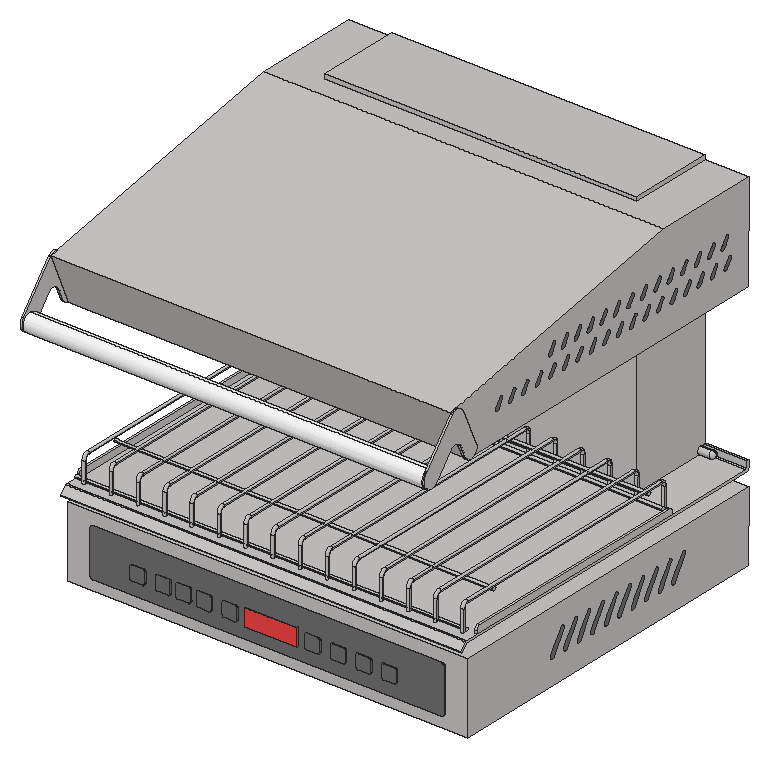
Revit family "QF_GIORIK_ST30", category Specialty Equipment, Revit 2014
Parameters (values of type "ST30")
  Weight in Pounds = 152.1188
  Watts = 4500 W
  Volts = 400 V
  URL Cutsheet = "www.giorik.com"
  URL = "www.giorik.com"
  Status [instance] = ""
  Specification by User [instance] = ""
  Specification by Manufacturer = ""
  Show Logo [instance] = yes
  Show Clearance [instance] = yes
  Serial Number = ""
  Seismic Rating = ""
  SMACNA No = ""
  Revision Code [instance] = ""
  Phase = 3
  Number of Poles [instance] = 3
  NAFEM Spec ID Number = ""
  Model = "ST30"
  Min Ckt Ampacity = 0 A
  Max Overcurrent Protection = 0 A
  Masterspec = ""
  Manufacturer = "GIORIK"
  Item Number [instance] = ""
  Installed By [instance] = ""
  Identify Quantity as Lot [instance] = no
  HP = "6.034590000000"
  Furnished By [instance] = ""
  Foodservice Equipment Identifier [instance] = yes
  FL Amps = 0 A
  Electrical Remarks [instance] = ""
  Electric Connection Type [instance] = ""
  Elec Conn RI Height [instance] = 0 mm
  Elec Conn Connection Height [instance] = 39 mm
  Description = "FAST SALAMANDERS HI-TOUCH"
  Cycle = 50 Hz
  Conn Plug = ""
  CSI MasterFormat = ""
  Assembly Code = "E1090320"
  Apparent Power = 4500 VA
Reference planes
  plane 1 "Back": y = 0
  plane 2: z = 0
  plane 3 "Left": x = 0
  plane 4 "Right": x = 570
  plane 5 "Front": y = -581
  plane 6 "Top": z = 518
Forms (mm)
  Extrusion 1, solid
    sketch origin (0, 0, 0) x (0, 1, 0) y (0, 0, 1)
      loop
        line (0, 116) -> (-500, 116) -> (-500, 16) -> (0, 16) -> (0, 116)
    from 0 to 570
  Extrusion 2, solid
    sketch origin (0, 0, 0) x (0, 1, 0) y (0, 0, 1)
      loop
        line (-510.879, 128.424) -> (-501.718, 137.409) -> (-3, 137.409)
        arc (-3, 137.409) -> (-0.879, 138.288) -> (0, 140.409) r 3
        line (0, 140.409) -> (0, 150.409) -> (-3, 150.409) -> (-3, 141.409)
        arc (-3, 141.409) -> (-3.293, 140.702) -> (-4, 140.409) r 1
        line (-4, 140.409) -> (-501.718, 140.409)
        arc (-501.718, 140.409) -> (-502.852, 140.186) -> (-503.818, 139.551) r 3
        line (-503.818, 139.551) -> (-513, 130.545) -> (-510.879, 128.424)
    from 0 to 570
  Extrusion 3, solid
    sketch origin (0, 0, 0) x (0, 1, 0) y (0, 0, 1)
      loop
        line (-150, 512.02) -> (-531, 444.528) -> (-500, 372.02) -> (0, 372.02) -> (0, 512.02) -> (-150, 512.02)
    from 0 to 570
  Extrusion 4, solid
    sketch origin (0, 0, 0) x (0, 1, 0) y (0, 0, 1)
      loop
        line (-120, 116) -> (0, 116) -> (0, 372.02) -> (-120, 372.02) -> (-120, 116)
    from 62.5 to 507.5
  Extrusion 5, solid
    sketch origin (0, -38.013, -1.322) x (0, 1, 0) y (0, 0, 1)
      loop
        line (-491.588, 443.653) -> (-540.006, 386.512)
        arc (-540.006, 386.512) -> (-538.54, 368.783) -> (-520.812, 370.248) r 12.579
        line (-520.812, 370.248) -> (-495.462, 400.166)
        arc (-495.462, 400.166) -> (-486.485, 403.589) -> (-478.751, 397.888) r 10.025
        line (-478.751, 397.888) -> (-470.242, 379.619)
        arc (-470.242, 379.619) -> (-455.833, 374.347) -> (-450.524, 388.743) r 10.863
        line (-450.524, 388.743) -> (-474.877, 441.376)
        arc (-474.877, 441.376) -> (-482.609, 447.09) -> (-491.588, 443.653) r 10.009
    from -3 to 0
  Extrusion 6, solid
    sketch origin (573, -38.013, -1.322) x (0, 1, 0) y (0, 0, 1)
      loop
        line (-491.588, 443.653) -> (-540.006, 386.512)
        arc (-540.006, 386.512) -> (-538.54, 368.783) -> (-520.812, 370.248) r 12.579
        line (-520.812, 370.248) -> (-495.462, 400.166)
        arc (-495.462, 400.166) -> (-486.485, 403.589) -> (-478.751, 397.888) r 10.025
        line (-478.751, 397.888) -> (-470.242, 379.619)
        arc (-470.242, 379.619) -> (-455.833, 374.347) -> (-450.524, 388.743) r 10.863
        line (-450.524, 388.743) -> (-474.877, 441.376)
        arc (-474.877, 441.376) -> (-482.609, 447.09) -> (-491.588, 443.653) r 10.009
    from -3 to 0
  Revolve 7, solid
    sketch origin (0, -568.5, -1.322) x (1, 0, 0) y (0, 0, 1)
      loop
        line (0, 365.88) -> (569.991, 365.88) -> (569.991, 378.38) -> (0, 378.38) -> (0, 365.88)
      axis (0, 378.38) -> (569.991, 378.38)
    angle from 0 to 360
  Extrusion 8, solid
    sketch origin (0, 0, 0) x (0, 1, 0) y (0, 0, 1)
      loop
        arc (-477.757, 149.627) -> (-481.293, 148.162) -> (-482.757, 144.627) r 5
        line (-482.757, 144.627) -> (-482.757, 140.409) -> (-136.497, 140.409) -> (-136.497, 144.627)
        arc (-136.497, 144.627) -> (-137.962, 148.162) -> (-141.497, 149.627) r 5
        line (-141.497, 149.627) -> (-477.757, 149.627)
    from 0 to 3
  Extrusion 9, solid
    sketch origin (567, 0, 0) x (0, 1, 0) y (0, 0, 1)
      loop
        arc (-477.828, 149.627) -> (-481.364, 148.162) -> (-482.828, 144.627) r 5
        line (-482.828, 144.627) -> (-482.828, 140.409) -> (-136.497, 140.409) -> (-136.497, 144.627)
        arc (-136.497, 144.627) -> (-137.962, 148.162) -> (-141.497, 149.627) r 5
        line (-141.497, 149.627) -> (-477.828, 149.627)
    from 0 to 3
  Sweep 10, solid
    path origin (14.128, 0, 0) x (0, 1, 0) y (0, 0, 1)
      loop
        line (-132.497, 140.409) -> (-132.497, 170.63)
        arc (-132.497, 170.63) -> (-133.668, 173.457) -> (-136.495, 174.628) r 3.998
        line (-136.495, 174.628) -> (-482.809, 174.628)
        arc (-482.809, 174.628) -> (-485.636, 173.457) -> (-486.807, 170.63) r 3.998
        line (-486.807, 170.63) -> (-486.807, 140.409)
    profile origin (14.128, -132.497, 155.52) x (0, -1, 0) y (1, 0, 0)
      loop
        circle (-2, 0) r 2
  Sweep 11, solid
    path origin (52.728, 0, 0) x (0, 1, 0) y (0, 0, 1)
      loop
        line (-132.497, 140.409) -> (-132.497, 170.63)
        arc (-132.497, 170.63) -> (-133.668, 173.457) -> (-136.495, 174.628) r 3.998
        line (-136.495, 174.628) -> (-482.809, 174.628)
        arc (-482.809, 174.628) -> (-485.636, 173.457) -> (-486.807, 170.63) r 3.998
        line (-486.807, 170.63) -> (-486.807, 140.409)
    profile origin (52.728, -132.497, 155.52) x (0, -1, 0) y (1, 0, 0)
      loop
        circle (-2, 0) r 2
  Sweep 12, solid
    path origin (91.328, 0, 0) x (0, 1, 0) y (0, 0, 1)
      loop
        line (-132.497, 140.409) -> (-132.497, 170.63)
        arc (-132.497, 170.63) -> (-133.668, 173.457) -> (-136.495, 174.628) r 3.998
        line (-136.495, 174.628) -> (-482.809, 174.628)
        arc (-482.809, 174.628) -> (-485.636, 173.457) -> (-486.807, 170.63) r 3.998
        line (-486.807, 170.63) -> (-486.807, 140.409)
    profile origin (91.328, -132.497, 155.52) x (0, -1, 0) y (1, 0, 0)
      loop
        circle (-2, 0) r 2
  Sweep 13, solid
    path origin (129.628, 0, 0) x (0, 1, 0) y (0, 0, 1)
      loop
        line (-132.497, 140.409) -> (-132.497, 170.63)
        arc (-132.497, 170.63) -> (-133.668, 173.457) -> (-136.495, 174.628) r 3.998
        line (-136.495, 174.628) -> (-482.809, 174.628)
        arc (-482.809, 174.628) -> (-485.636, 173.457) -> (-486.807, 170.63) r 3.998
        line (-486.807, 170.63) -> (-486.807, 140.409)
    profile origin (129.628, -132.497, 155.52) x (0, -1, 0) y (1, 0, 0)
      loop
        circle (-2, 0) r 2
  Sweep 14, solid
    path origin (168.128, 0, 0) x (0, 1, 0) y (0, 0, 1)
      loop
        line (-132.497, 140.409) -> (-132.497, 170.63)
        arc (-132.497, 170.63) -> (-133.668, 173.457) -> (-136.495, 174.628) r 3.998
        line (-136.495, 174.628) -> (-482.809, 174.628)
        arc (-482.809, 174.628) -> (-485.636, 173.457) -> (-486.807, 170.63) r 3.998
        line (-486.807, 170.63) -> (-486.807, 140.409)
    profile origin (168.128, -132.497, 155.52) x (0, -1, 0) y (1, 0, 0)
      loop
        circle (-2, 0) r 2
  Sweep 15, solid
    path origin (206.728, 0, 0) x (0, 1, 0) y (0, 0, 1)
      loop
        line (-132.497, 140.409) -> (-132.497, 170.63)
        arc (-132.497, 170.63) -> (-133.668, 173.457) -> (-136.495, 174.628) r 3.998
        line (-136.495, 174.628) -> (-482.809, 174.628)
        arc (-482.809, 174.628) -> (-485.636, 173.457) -> (-486.807, 170.63) r 3.998
        line (-486.807, 170.63) -> (-486.807, 140.409)
    profile origin (206.728, -132.497, 155.52) x (0, -1, 0) y (1, 0, 0)
      loop
        circle (-2, 0) r 2
  Sweep 16, solid
    path origin (245.028, 0, 0) x (0, 1, 0) y (0, 0, 1)
      loop
        line (-132.497, 140.409) -> (-132.497, 170.63)
        arc (-132.497, 170.63) -> (-133.668, 173.457) -> (-136.495, 174.628) r 3.998
        line (-136.495, 174.628) -> (-482.809, 174.628)
        arc (-482.809, 174.628) -> (-485.636, 173.457) -> (-486.807, 170.63) r 3.998
        line (-486.807, 170.63) -> (-486.807, 140.409)
    profile origin (245.028, -132.497, 155.52) x (0, -1, 0) y (1, 0, 0)
      loop
        circle (-2, 0) r 2
  Sweep 17, solid
    path origin (283.628, 0, 0) x (0, 1, 0) y (0, 0, 1)
      loop
        line (-132.497, 140.409) -> (-132.497, 170.63)
        arc (-132.497, 170.63) -> (-133.668, 173.457) -> (-136.495, 174.628) r 3.998
        line (-136.495, 174.628) -> (-482.809, 174.628)
        arc (-482.809, 174.628) -> (-485.636, 173.457) -> (-486.807, 170.63) r 3.998
        line (-486.807, 170.63) -> (-486.807, 140.409)
    profile origin (283.628, -132.497, 155.52) x (0, -1, 0) y (1, 0, 0)
      loop
        circle (-2, 0) r 2
  Sweep 18, solid
    path origin (322.328, 0, 0) x (0, 1, 0) y (0, 0, 1)
      loop
        line (-132.497, 140.409) -> (-132.497, 170.63)
        arc (-132.497, 170.63) -> (-133.668, 173.457) -> (-136.495, 174.628) r 3.998
        line (-136.495, 174.628) -> (-482.809, 174.628)
        arc (-482.809, 174.628) -> (-485.636, 173.457) -> (-486.807, 170.63) r 3.998
        line (-486.807, 170.63) -> (-486.807, 140.409)
    profile origin (322.328, -132.497, 155.52) x (0, -1, 0) y (1, 0, 0)
      loop
        circle (-2, 0) r 2
  Sweep 19, solid
    path origin (360.928, 0, 0) x (0, 1, 0) y (0, 0, 1)
      loop
        line (-132.497, 140.409) -> (-132.497, 170.63)
        arc (-132.497, 170.63) -> (-133.668, 173.457) -> (-136.495, 174.628) r 3.998
        line (-136.495, 174.628) -> (-482.809, 174.628)
        arc (-482.809, 174.628) -> (-485.636, 173.457) -> (-486.807, 170.63) r 3.998
        line (-486.807, 170.63) -> (-486.807, 140.409)
    profile origin (360.928, -132.497, 155.52) x (0, -1, 0) y (1, 0, 0)
      loop
        circle (-2, 0) r 2
  Sweep 20, solid
    path origin (399.528, 0, 0) x (0, 1, 0) y (0, 0, 1)
      loop
        line (-132.497, 140.409) -> (-132.497, 170.63)
        arc (-132.497, 170.63) -> (-133.668, 173.457) -> (-136.495, 174.628) r 3.998
        line (-136.495, 174.628) -> (-482.809, 174.628)
        arc (-482.809, 174.628) -> (-485.636, 173.457) -> (-486.807, 170.63) r 3.998
        line (-486.807, 170.63) -> (-486.807, 140.409)
    profile origin (399.528, -132.497, 155.52) x (0, -1, 0) y (1, 0, 0)
      loop
        circle (-2, 0) r 2
  Revolve 21, solid
    sketch origin (0, -107.054, 0) x (1, 0, 0) y (0, 0, 1)
      loop
        line (62.5, 127.28) -> (62.5, 132.28) -> (40.041, 132.28)
        arc (40.041, 132.28) -> (41.505, 128.744) -> (45.041, 127.28) r 5
        line (45.041, 127.28) -> (62.5, 127.28)
      axis (40.041, 132.28) -> (62.5, 132.28)
    angle from 0 to 360
  Revolve 22, solid
    sketch origin (0.028, -8.199, 13.32) x (1, 0, 0) y (0, 0, 1)
      loop
        line (62.5, 127.28) -> (62.5, 132.28) -> (40.041, 132.28)
        arc (40.041, 132.28) -> (41.505, 128.744) -> (45.041, 127.28) r 5
        line (45.041, 127.28) -> (62.5, 127.28)
      axis (40.041, 132.28) -> (62.5, 132.28)
    angle from 0 to 360
  Revolve 23, solid
    sketch origin (570, -107.054, 0) x (-1, 0, 0) y (0, 0, -1)
      loop
        line (62.5, -127.28) -> (45.041, -127.28)
        arc (45.041, -127.28) -> (41.505, -128.744) -> (40.041, -132.28) r 5
        line (40.041, -132.28) -> (62.5, -132.28) -> (62.5, -127.28)
      axis (40.041, -132.28) -> (62.5, -132.28)
    angle from 0 to 360
  Revolve 24, solid
    sketch origin (570, -8.199, 13.32) x (-1, 0, 0) y (0, 0, -1)
      loop
        line (62.5, -127.28) -> (45.041, -127.28)
        arc (45.041, -127.28) -> (41.505, -128.744) -> (40.041, -132.28) r 5
        line (40.041, -132.28) -> (62.5, -132.28) -> (62.5, -127.28)
      axis (40.041, -132.28) -> (62.5, -132.28)
    angle from 0 to 360
  Extrusion 25, solid
    sketch origin (0, 0, 0) x (0, 1, 0) y (0, 0, 1)
      loop
        line (0, 512.02) -> (0, 518) -> (-120, 518) -> (-120, 512.02) -> (0, 512.02)
    from 62.5 to 507.5
  Extrusion 26, solid
    sketch origin (0, -52.9, 0) x (1, 0, 0) y (0, 0, 1)
      loop
        arc (32.716, 35.631) -> (34.181, 32.096) -> (37.716, 30.632) r 5
        line (37.716, 30.632) -> (532.893, 30.632)
        arc (532.893, 30.632) -> (536.428, 32.096) -> (537.892, 35.632) r 5
        line (537.892, 35.632) -> (537.892, 94.34)
        arc (537.892, 94.34) -> (536.428, 97.875) -> (532.893, 99.339) r 4.999
        line (532.893, 99.339) -> (37.716, 99.339)
        arc (37.716, 99.339) -> (34.181, 97.875) -> (32.716, 94.34) r 4.999
        line (32.716, 94.34) -> (32.716, 35.631)
    from 446.1 to 448.1
  Extrusion 27, solid
    sketch origin (0, -10, 30.219) x (0, 1, 0) y (0, 0, 1)
      loop
        circle (-425.497, 142.409) r 2
    from 16.125 to 556.147
  Extrusion 28, solid
    sketch origin (0, -38.013, -1.322) x (0, 1, 0) y (0, 0, 1)
      loop
        line (-491.588, 443.653) -> (-540.006, 386.512)
        arc (-540.006, 386.512) -> (-538.54, 368.783) -> (-520.812, 370.248) r 12.579
        line (-520.812, 370.248) -> (-495.462, 400.166)
        arc (-495.462, 400.166) -> (-486.485, 403.589) -> (-478.751, 397.888) r 10.025
        line (-478.751, 397.888) -> (-470.242, 379.619)
        arc (-470.242, 379.619) -> (-455.833, 374.347) -> (-450.524, 388.743) r 10.863
        line (-450.524, 388.743) -> (-474.877, 441.376)
        arc (-474.877, 441.376) -> (-482.609, 447.09) -> (-491.588, 443.653) r 10.009
    from -3 to 0
  Sweep 29, solid
    path origin (438.128, 0, 0) x (0, 1, 0) y (0, 0, 1)
      loop
        line (-132.497, 140.409) -> (-132.497, 170.63)
        arc (-132.497, 170.63) -> (-133.668, 173.457) -> (-136.495, 174.628) r 3.998
        line (-136.495, 174.628) -> (-482.809, 174.628)
        arc (-482.809, 174.628) -> (-485.636, 173.457) -> (-486.807, 170.63) r 3.998
        line (-486.807, 170.63) -> (-486.807, 140.409)
    profile origin (438.128, -132.497, 155.52) x (0, -1, 0) y (1, 0, 0)
      loop
        circle (-2, 0) r 2
  Sweep 30, solid
    path origin (476.728, 0, 0) x (0, 1, 0) y (0, 0, 1)
      loop
        line (-132.497, 140.409) -> (-132.497, 170.63)
        arc (-132.497, 170.63) -> (-133.668, 173.457) -> (-136.495, 174.628) r 3.998
        line (-136.495, 174.628) -> (-482.809, 174.628)
        arc (-482.809, 174.628) -> (-485.636, 173.457) -> (-486.807, 170.63) r 3.998
        line (-486.807, 170.63) -> (-486.807, 140.409)
    profile origin (476.728, -132.497, 155.52) x (0, -1, 0) y (1, 0, 0)
      loop
        circle (-2, 0) r 2
  Sweep 31, solid
    path origin (515.328, 0, 0) x (0, 1, 0) y (0, 0, 1)
      loop
        line (-132.497, 140.409) -> (-132.497, 170.63)
        arc (-132.497, 170.63) -> (-133.668, 173.457) -> (-136.495, 174.628) r 3.998
        line (-136.495, 174.628) -> (-482.809, 174.628)
        arc (-482.809, 174.628) -> (-485.636, 173.457) -> (-486.807, 170.63) r 3.998
        line (-486.807, 170.63) -> (-486.807, 140.409)
    profile origin (515.328, -132.497, 155.52) x (0, -1, 0) y (1, 0, 0)
      loop
        circle (-2, 0) r 2
  Sweep 32, solid
    path origin (553.928, 0, 0) x (0, 1, 0) y (0, 0, 1)
      loop
        line (-132.497, 140.409) -> (-132.497, 170.63)
        arc (-132.497, 170.63) -> (-133.668, 173.457) -> (-136.495, 174.628) r 3.998
        line (-136.495, 174.628) -> (-482.809, 174.628)
        arc (-482.809, 174.628) -> (-485.636, 173.457) -> (-486.807, 170.63) r 3.998
        line (-486.807, 170.63) -> (-486.807, 140.409)
    profile origin (553.928, -132.497, 155.52) x (0, -1, 0) y (1, 0, 0)
      loop
        circle (-2, 0) r 2
  Extrusion 33, solid
    sketch origin (0, -34.979, 0) x (0, 1, 0) y (0, 0, 1)
      loop
        circle (-449.828, 142.409) r 2
    from 0 to 556.147
  Extrusion 34, solid
    sketch origin (0, -584.788, 30.219) x (0, -1, 0) y (0, 0, -1)
      loop
        circle (-425.497, -142.409) r 2
    from 16.125 to 556.147
  Extrusion 35, solid
    sketch origin (0, -559.809, 0) x (0, -1, 0) y (0, 0, -1)
      loop
        circle (-425.497, -142.409) r 2
    from 0 to 556.147
  Extrusion 36, solid
    sketch origin (7.397, 3.08, 0) x (0, 1, 0) y (0, 0, 1)
      loop
        line (-394.08, 137.409) -> (-414.08, 137.409) -> (-414.08, 116) -> (-394.08, 116) -> (-394.08, 137.409)
    from 62.5 to 82.5
  Extrusion 37, solid
    sketch origin (0, 0, 0) x (1, 0, 0) y (0, 0, 1)
      loop
        circle (518, 39) r 12.7
    from 0 to -15
  Extrusion 38, solid
    sketch origin (0, -18.9, 0) x (1, 0, 0) y (0, 0, 1)
      loop
        arc (93.231, 70.003) -> (91.109, 69.124) -> (90.231, 67.003) r 3
        line (90.231, 67.003) -> (90.231, 52.003)
        arc (90.231, 52.003) -> (91.109, 49.881) -> (93.231, 49.003) r 3
        line (93.231, 49.003) -> (108.231, 49.003)
        arc (108.231, 49.003) -> (110.352, 49.881) -> (111.231, 52.003) r 3
        line (111.231, 52.003) -> (111.231, 67.003)
        arc (111.231, 67.003) -> (110.352, 69.124) -> (108.231, 70.003) r 3
        line (108.231, 70.003) -> (93.231, 70.003)
    from 481.1 to 483.1
  Extrusion 39, solid
    sketch origin (36.371, -18.9, 0) x (1, 0, 0) y (0, 0, 1)
      loop
        arc (93.231, 70.003) -> (91.109, 69.124) -> (90.231, 67.003) r 3
        line (90.231, 67.003) -> (90.231, 52.003)
        arc (90.231, 52.003) -> (91.109, 49.881) -> (93.231, 49.003) r 3
        line (93.231, 49.003) -> (108.231, 49.003)
        arc (108.231, 49.003) -> (110.352, 49.881) -> (111.231, 52.003) r 3
        line (111.231, 52.003) -> (111.231, 67.003)
        arc (111.231, 67.003) -> (110.352, 69.124) -> (108.231, 70.003) r 3
        line (108.231, 70.003) -> (93.231, 70.003)
    from 481.1 to 483.1
  Extrusion 40, solid
    sketch origin (65.529, -18.9, 0) x (1, 0, 0) y (0, 0, 1)
      loop
        arc (93.231, 70.003) -> (91.109, 69.124) -> (90.231, 67.003) r 3
        line (90.231, 67.003) -> (90.231, 52.003)
        arc (90.231, 52.003) -> (91.109, 49.881) -> (93.231, 49.003) r 3
        line (93.231, 49.003) -> (108.231, 49.003)
        arc (108.231, 49.003) -> (110.352, 49.881) -> (111.231, 52.003) r 3
        line (111.231, 52.003) -> (111.231, 67.003)
        arc (111.231, 67.003) -> (110.352, 69.124) -> (108.231, 70.003) r 3
        line (108.231, 70.003) -> (93.231, 70.003)
    from 481.1 to 483.1
  Extrusion 41, solid
    sketch origin (94.994, -18.9, 0) x (1, 0, 0) y (0, 0, 1)
      loop
        arc (93.231, 70.003) -> (91.109, 69.124) -> (90.231, 67.003) r 3
        line (90.231, 67.003) -> (90.231, 52.003)
        arc (90.231, 52.003) -> (91.109, 49.881) -> (93.231, 49.003) r 3
        line (93.231, 49.003) -> (108.231, 49.003)
        arc (108.231, 49.003) -> (110.352, 49.881) -> (111.231, 52.003) r 3
        line (111.231, 52.003) -> (111.231, 67.003)
        arc (111.231, 67.003) -> (110.352, 69.124) -> (108.231, 70.003) r 3
        line (108.231, 70.003) -> (93.231, 70.003)
    from 481.1 to 483.1
  Extrusion 42, solid
    sketch origin (131.518, -18.9, 0) x (1, 0, 0) y (0, 0, 1)
      loop
        arc (93.231, 70.003) -> (91.109, 69.124) -> (90.231, 67.003) r 3
        line (90.231, 67.003) -> (90.231, 52.003)
        arc (90.231, 52.003) -> (91.109, 49.881) -> (93.231, 49.003) r 3
        line (93.231, 49.003) -> (108.231, 49.003)
        arc (108.231, 49.003) -> (110.352, 49.881) -> (111.231, 52.003) r 3
        line (111.231, 52.003) -> (111.231, 67.003)
        arc (111.231, 67.003) -> (110.352, 69.124) -> (108.231, 70.003) r 3
        line (108.231, 70.003) -> (93.231, 70.003)
    from 481.1 to 483.1
  Extrusion 43, solid
    sketch origin (249.489, -18.9, 0) x (1, 0, 0) y (0, 0, 1)
      loop
        arc (93.231, 70.003) -> (91.109, 69.124) -> (90.231, 67.003) r 3
        line (90.231, 67.003) -> (90.231, 52.003)
        arc (90.231, 52.003) -> (91.109, 49.881) -> (93.231, 49.003) r 3
        line (93.231, 49.003) -> (108.231, 49.003)
        arc (108.231, 49.003) -> (110.352, 49.881) -> (111.231, 52.003) r 3
        line (111.231, 52.003) -> (111.231, 67.003)
        arc (111.231, 67.003) -> (110.352, 69.124) -> (108.231, 70.003) r 3
        line (108.231, 70.003) -> (93.231, 70.003)
    from 481.1 to 483.1
  Extrusion 44, solid
    sketch origin (286.225, -18.9, 0) x (1, 0, 0) y (0, 0, 1)
      loop
        arc (93.231, 70.003) -> (91.109, 69.124) -> (90.231, 67.003) r 3
        line (90.231, 67.003) -> (90.231, 52.003)
        arc (90.231, 52.003) -> (91.109, 49.881) -> (93.231, 49.003) r 3
        line (93.231, 49.003) -> (108.231, 49.003)
        arc (108.231, 49.003) -> (110.352, 49.881) -> (111.231, 52.003) r 3
        line (111.231, 52.003) -> (111.231, 67.003)
        arc (111.231, 67.003) -> (110.352, 69.124) -> (108.231, 70.003) r 3
        line (108.231, 70.003) -> (93.231, 70.003)
    from 481.1 to 483.1
  Extrusion 45, solid
    sketch origin (322.522, -18.9, 0) x (1, 0, 0) y (0, 0, 1)
      loop
        arc (93.231, 70.003) -> (91.109, 69.124) -> (90.231, 67.003) r 3
        line (90.231, 67.003) -> (90.231, 52.003)
        arc (90.231, 52.003) -> (91.109, 49.881) -> (93.231, 49.003) r 3
        line (93.231, 49.003) -> (108.231, 49.003)
        arc (108.231, 49.003) -> (110.352, 49.881) -> (111.231, 52.003) r 3
        line (111.231, 52.003) -> (111.231, 67.003)
        arc (111.231, 67.003) -> (110.352, 69.124) -> (108.231, 70.003) r 3
        line (108.231, 70.003) -> (93.231, 70.003)
    from 481.1 to 483.1
  Extrusion 46, solid
    sketch origin (359.01, -18.9, 0) x (1, 0, 0) y (0, 0, 1)
      loop
        arc (93.231, 70.003) -> (91.109, 69.124) -> (90.231, 67.003) r 3
        line (90.231, 67.003) -> (90.231, 52.003)
        arc (90.231, 52.003) -> (91.109, 49.881) -> (93.231, 49.003) r 3
        line (93.231, 49.003) -> (108.231, 49.003)
        arc (108.231, 49.003) -> (110.352, 49.881) -> (111.231, 52.003) r 3
        line (111.231, 52.003) -> (111.231, 67.003)
        arc (111.231, 67.003) -> (110.352, 69.124) -> (108.231, 70.003) r 3
        line (108.231, 70.003) -> (93.231, 70.003)
    from 481.1 to 483.1
  Extrusion 47, solid
    sketch origin (0, -18.9, 0) x (1, 0, 0) y (0, 0, 1)
      loop
        line (253.527, 71.715) -> (253.527, 47.436) -> (328.477, 47.436) -> (328.477, 71.715) -> (253.527, 71.715)
    from 481.1 to 483.1
  Extrusion 48, solid
    sketch origin (570, 3.152, 0.577) x (0, 1, 0) y (0, 0, -1)
      loop
        arc (-122.233, -83.563) -> (-118.14, -84.682) -> (-117.021, -80.589) r 3
        line (-117.021, -80.589) -> (-133.772, -51.235)
        arc (-133.772, -51.235) -> (-137.865, -50.116) -> (-138.983, -54.209) r 3
        line (-138.983, -54.209) -> (-122.233, -83.563)
      loop
        arc (-145.943, -83.563) -> (-141.85, -84.682) -> (-140.732, -80.589) r 3
        line (-140.732, -80.589) -> (-157.482, -51.235)
        arc (-157.482, -51.235) -> (-161.575, -50.116) -> (-162.693, -54.209) r 3
        line (-162.693, -54.209) -> (-145.943, -83.563)
      loop
        arc (-170.249, -83.563) -> (-166.156, -84.682) -> (-165.037, -80.589) r 3
        line (-165.037, -80.589) -> (-181.788, -51.235)
        arc (-181.788, -51.235) -> (-185.881, -50.116) -> (-186.999, -54.209) r 3
        line (-186.999, -54.209) -> (-170.249, -83.563)
      loop
        arc (-194.226, -83.563) -> (-190.133, -84.682) -> (-189.015, -80.589) r 3
        line (-189.015, -80.589) -> (-205.765, -51.235)
        arc (-205.765, -51.235) -> (-209.858, -50.116) -> (-210.977, -54.209) r 3
        line (-210.977, -54.209) -> (-194.226, -83.563)
      loop
        arc (-218.413, -83.563) -> (-214.32, -84.682) -> (-213.201, -80.589) r 3
        line (-213.201, -80.589) -> (-229.952, -51.235)
        arc (-229.952, -51.235) -> (-234.045, -50.116) -> (-235.163, -54.209) r 3
        line (-235.163, -54.209) -> (-218.413, -83.563)
      loop
        arc (-242.123, -83.563) -> (-238.03, -84.682) -> (-236.912, -80.589) r 3
        line (-236.912, -80.589) -> (-253.662, -51.235)
        arc (-253.662, -51.235) -> (-257.755, -50.116) -> (-258.873, -54.209) r 3
        line (-258.873, -54.209) -> (-242.123, -83.563)
      loop
        arc (-266.429, -83.563) -> (-262.336, -84.682) -> (-261.218, -80.589) r 3
        line (-261.218, -80.589) -> (-277.968, -51.235)
        arc (-277.968, -51.235) -> (-282.061, -50.116) -> (-283.179, -54.209) r 3
        line (-283.179, -54.209) -> (-266.429, -83.563)
      loop
        arc (-290.548, -83.563) -> (-286.456, -84.682) -> (-285.337, -80.589) r 3
        line (-285.337, -80.589) -> (-302.088, -51.235)
        arc (-302.088, -51.235) -> (-306.18, -50.116) -> (-307.299, -54.209) r 3
        line (-307.299, -54.209) -> (-290.548, -83.563)
      loop
        arc (-314.497, -83.563) -> (-310.404, -84.682) -> (-309.285, -80.589) r 3
        line (-309.285, -80.589) -> (-326.036, -51.235)
        arc (-326.036, -51.235) -> (-330.129, -50.116) -> (-331.247, -54.209) r 3
        line (-331.247, -54.209) -> (-314.497, -83.563)
      loop
        arc (-338.088, -83.563) -> (-333.995, -84.682) -> (-332.876, -80.589) r 3
        line (-332.876, -80.589) -> (-349.627, -51.235)
        arc (-349.627, -51.235) -> (-353.72, -50.116) -> (-354.838, -54.209) r 3
        line (-354.838, -54.209) -> (-338.088, -83.563)
    from -0.1 to 2.047
  Extrusion 49, solid
    sketch origin (559.603, -377.707, -34) x (0, 1, 0) y (-1, 0, 0)
      loop
        circle (-79.293, 516.603) r 5
    from 42.88 to 50
  Revolve 50, solid
    sketch origin (43, -373.057, -600) x (0, 1, 0) y (0, 0, 1)
      loop
        line (-83.943, 608.88) -> (-95.574, 608.88) -> (-97.943, 600) -> (-83.943, 600) -> (-83.943, 608.88)
      axis (-83.943, 608.88) -> (-83.943, 600)
    angle from 0 to 360
  Extrusion 51, solid
    sketch origin (559.603, 43.293, -34) x (0, 1, 0) y (-1, 0, 0)
      loop
        circle (-79.293, 516.603) r 5
    from 42.88 to 50
  Revolve 52, solid
    sketch origin (43, 47.943, -600) x (0, 1, 0) y (0, 0, 1)
      loop
        line (-83.943, 608.88) -> (-95.574, 608.88) -> (-97.943, 600) -> (-83.943, 600) -> (-83.943, 608.88)
      axis (-83.943, 608.88) -> (-83.943, 600)
    angle from 0 to 360
  Extrusion 53, solid
    sketch origin (1052.603, -377.707, -34) x (0, 1, 0) y (-1, 0, 0)
      loop
        circle (-79.293, 516.603) r 5
    from 42.88 to 50
  Revolve 54, solid
    sketch origin (536, -373.057, -600) x (0, 1, 0) y (0, 0, 1)
      loop
        line (-83.943, 608.88) -> (-95.574, 608.88) -> (-97.943, 600) -> (-83.943, 600) -> (-83.943, 608.88)
      axis (-83.943, 608.88) -> (-83.943, 600)
    angle from 0 to 360
  Extrusion 55, solid
    sketch origin (1052.603, 43.293, -34) x (0, 1, 0) y (-1, 0, 0)
      loop
        circle (-79.293, 516.603) r 5
    from 42.88 to 50
  Revolve 56, solid
    sketch origin (536, 47.943, -600) x (0, 1, 0) y (0, 0, 1)
      loop
        line (-83.943, 608.88) -> (-95.574, 608.88) -> (-97.943, 600) -> (-83.943, 600) -> (-83.943, 608.88)
      axis (-83.943, 608.88) -> (-83.943, 600)
    angle from 0 to 360
  Extrusion 57, solid
    sketch origin (-0.103, 17.145, -1.433) x (0, 1, 0) y (0, 0, 1)
      loop
        line (-367.103, 412.901) -> (-361.099, 423.422)
        arc (-361.099, 423.422) -> (-362.218, 427.515) -> (-366.31, 426.396) r 3
        line (-366.31, 426.396) -> (-372.314, 415.875)
        arc (-372.314, 415.875) -> (-371.195, 411.782) -> (-367.103, 412.901) r 3
      loop
        line (-390.682, 412.901) -> (-384.678, 423.422)
        arc (-384.678, 423.422) -> (-385.797, 427.515) -> (-389.89, 426.396) r 3
        line (-389.89, 426.396) -> (-395.893, 415.875)
        arc (-395.893, 415.875) -> (-394.775, 411.782) -> (-390.682, 412.901) r 3
      loop
        line (-415.44, 412.901) -> (-409.437, 423.422)
        arc (-409.437, 423.422) -> (-410.555, 427.515) -> (-414.648, 426.396) r 3
        line (-414.648, 426.396) -> (-420.652, 415.875)
        arc (-420.652, 415.875) -> (-419.533, 411.782) -> (-415.44, 412.901) r 3
      loop
        line (-438.823, 412.901) -> (-432.819, 423.422)
        arc (-432.819, 423.422) -> (-433.938, 427.515) -> (-438.031, 426.396) r 3
        line (-438.031, 426.396) -> (-444.034, 415.875)
        arc (-444.034, 415.875) -> (-442.916, 411.782) -> (-438.823, 412.901) r 3
      loop
        line (-54.819, 412.901) -> (-48.816, 423.422)
        arc (-48.816, 423.422) -> (-49.934, 427.515) -> (-54.027, 426.396) r 3
        line (-54.027, 426.396) -> (-60.036, 415.866)
        arc (-60.036, 415.866) -> (-58.907, 411.78) -> (-54.819, 412.901) r 3
      loop
        line (-78.988, 412.901) -> (-72.984, 423.422)
        arc (-72.984, 423.422) -> (-74.103, 427.515) -> (-78.196, 426.396) r 3
        line (-78.196, 426.396) -> (-84.204, 415.866)
        arc (-84.204, 415.866) -> (-83.076, 411.78) -> (-78.988, 412.901) r 3
      loop
        line (-102.764, 412.901) -> (-96.76, 423.422)
        arc (-96.76, 423.422) -> (-97.879, 427.515) -> (-101.971, 426.396) r 3
        line (-101.971, 426.396) -> (-107.98, 415.866)
        arc (-107.98, 415.866) -> (-106.852, 411.78) -> (-102.764, 412.901) r 3
      loop
        line (-126.54, 412.901) -> (-120.536, 423.422)
        arc (-120.536, 423.422) -> (-121.655, 427.515) -> (-125.747, 426.396) r 3
        line (-125.747, 426.396) -> (-131.756, 415.866)
        arc (-131.756, 415.866) -> (-130.628, 411.78) -> (-126.54, 412.901) r 3
      loop
        line (-150.709, 412.901) -> (-144.705, 423.422)
        arc (-144.705, 423.422) -> (-145.824, 427.515) -> (-149.916, 426.396) r 3
        line (-149.916, 426.396) -> (-155.925, 415.866)
        arc (-155.925, 415.866) -> (-154.797, 411.78) -> (-150.709, 412.901) r 3
      loop
        line (-174.931, 412.901) -> (-168.927, 423.422)
        arc (-168.927, 423.422) -> (-170.046, 427.515) -> (-174.139, 426.396) r 3
        line (-174.139, 426.396) -> (-180.142, 415.875)
        arc (-180.142, 415.875) -> (-179.024, 411.782) -> (-174.931, 412.901) r 3
      loop
        line (-198.904, 412.901) -> (-192.9, 423.422)
        arc (-192.9, 423.422) -> (-194.019, 427.515) -> (-198.111, 426.396) r 3
        line (-198.111, 426.396) -> (-204.115, 415.875)
        arc (-204.115, 415.875) -> (-202.996, 411.782) -> (-198.904, 412.901) r 3
      loop
        line (-222.876, 412.901) -> (-216.872, 423.422)
        arc (-216.872, 423.422) -> (-217.991, 427.515) -> (-222.083, 426.396) r 3
        line (-222.083, 426.396) -> (-228.087, 415.875)
        arc (-228.087, 415.875) -> (-226.968, 411.782) -> (-222.876, 412.901) r 3
      loop
        line (-246.652, 412.901) -> (-240.648, 423.422)
        arc (-240.648, 423.422) -> (-241.767, 427.515) -> (-245.859, 426.396) r 3
        line (-245.859, 426.396) -> (-251.863, 415.875)
        arc (-251.863, 415.875) -> (-250.744, 411.782) -> (-246.652, 412.901) r 3
      loop
        line (-270.821, 412.901) -> (-264.817, 423.422)
        arc (-264.817, 423.422) -> (-265.935, 427.515) -> (-270.028, 426.396) r 3
        line (-270.028, 426.396) -> (-276.032, 415.875)
        arc (-276.032, 415.875) -> (-274.913, 411.782) -> (-270.821, 412.901) r 3
      loop
        line (-294.793, 412.901) -> (-288.789, 423.422)
        arc (-288.789, 423.422) -> (-289.908, 427.515) -> (-294, 426.396) r 3
        line (-294, 426.396) -> (-300.004, 415.875)
        arc (-300.004, 415.875) -> (-298.885, 411.782) -> (-294.793, 412.901) r 3
      loop
        line (-318.765, 412.901) -> (-312.761, 423.422)
        arc (-312.761, 423.422) -> (-313.88, 427.515) -> (-317.973, 426.396) r 3
        line (-317.973, 426.396) -> (-323.976, 415.875)
        arc (-323.976, 415.875) -> (-322.858, 411.782) -> (-318.765, 412.901) r 3
      loop
        line (-342.934, 412.901) -> (-336.93, 423.422)
        arc (-336.93, 423.422) -> (-338.049, 427.515) -> (-342.141, 426.396) r 3
        line (-342.141, 426.396) -> (-348.145, 415.875)
        arc (-348.145, 415.875) -> (-347.026, 411.782) -> (-342.934, 412.901) r 3
      loop
        line (-462.23, 412.901) -> (-456.226, 423.422)
        arc (-456.226, 423.422) -> (-457.345, 427.515) -> (-461.437, 426.396) r 3
        line (-461.437, 426.396) -> (-467.441, 415.875)
        arc (-467.441, 415.875) -> (-466.323, 411.782) -> (-462.23, 412.901) r 3
      loop
        line (-59.93, 441.379) -> (-53.926, 451.9)
        arc (-53.926, 451.9) -> (-55.045, 455.993) -> (-59.137, 454.874) r 3
        line (-59.137, 454.874) -> (-65.141, 444.353)
        arc (-65.141, 444.353) -> (-64.023, 440.26) -> (-59.93, 441.379) r 3
      loop
        line (-83.706, 441.379) -> (-77.702, 451.9)
        arc (-77.702, 451.9) -> (-78.821, 455.993) -> (-82.913, 454.874) r 3
        line (-82.913, 454.874) -> (-88.917, 444.353)
        arc (-88.917, 444.353) -> (-87.798, 440.26) -> (-83.706, 441.379) r 3
      loop
        line (-107.678, 441.379) -> (-101.674, 451.9)
        arc (-101.674, 451.9) -> (-102.793, 455.993) -> (-106.886, 454.874) r 3
        line (-106.886, 454.874) -> (-112.889, 444.353)
        arc (-112.889, 444.353) -> (-111.771, 440.26) -> (-107.678, 441.379) r 3
      loop
        line (-132.043, 441.379) -> (-126.04, 451.9)
        arc (-126.04, 451.9) -> (-127.158, 455.993) -> (-131.251, 454.874) r 3
        line (-131.251, 454.874) -> (-137.255, 444.353)
        arc (-137.255, 444.353) -> (-136.136, 440.26) -> (-132.043, 441.379) r 3
      loop
        line (-156.212, 441.379) -> (-150.209, 451.9)
        arc (-150.209, 451.9) -> (-151.327, 455.993) -> (-155.42, 454.874) r 3
        line (-155.42, 454.874) -> (-161.424, 444.353)
        arc (-161.424, 444.353) -> (-160.305, 440.26) -> (-156.212, 441.379) r 3
      loop
        line (-179.792, 441.379) -> (-173.788, 451.9)
        arc (-173.788, 451.9) -> (-174.907, 455.993) -> (-178.999, 454.874) r 3
        line (-178.999, 454.874) -> (-185.003, 444.353)
        arc (-185.003, 444.353) -> (-183.884, 440.26) -> (-179.792, 441.379) r 3
      loop
        line (-204.014, 441.379) -> (-198.011, 451.9)
        arc (-198.011, 451.9) -> (-199.129, 455.993) -> (-203.222, 454.874) r 3
        line (-203.222, 454.874) -> (-209.226, 444.353)
        arc (-209.226, 444.353) -> (-208.107, 440.26) -> (-204.014, 441.379) r 3
      loop
        line (-227.987, 441.379) -> (-221.983, 451.9)
        arc (-221.983, 451.9) -> (-223.102, 455.993) -> (-227.194, 454.874) r 3
        line (-227.194, 454.874) -> (-233.198, 444.353)
        arc (-233.198, 444.353) -> (-232.079, 440.26) -> (-227.987, 441.379) r 3
      loop
        line (-252.155, 441.379) -> (-246.152, 451.9)
        arc (-246.152, 451.9) -> (-247.27, 455.993) -> (-251.363, 454.874) r 3
        line (-251.363, 454.874) -> (-257.367, 444.353)
        arc (-257.367, 444.353) -> (-256.248, 440.26) -> (-252.155, 441.379) r 3
      loop
        line (-275.735, 441.379) -> (-269.731, 451.9)
        arc (-269.731, 451.9) -> (-270.85, 455.993) -> (-274.942, 454.874) r 3
        line (-274.942, 454.874) -> (-280.946, 444.353)
        arc (-280.946, 444.353) -> (-279.827, 440.26) -> (-275.735, 441.379) r 3
      loop
        line (-298.749, 441.379) -> (-292.745, 451.9)
        arc (-292.745, 451.9) -> (-293.864, 455.993) -> (-297.956, 454.874) r 3
        line (-297.956, 454.874) -> (-303.96, 444.353)
        arc (-303.96, 444.353) -> (-302.841, 440.26) -> (-298.749, 441.379) r 3
      loop
        line (-321.735, 441.379) -> (-315.731, 451.9)
        arc (-315.731, 451.9) -> (-316.85, 455.993) -> (-320.942, 454.874) r 3
        line (-320.942, 454.874) -> (-326.946, 444.353)
        arc (-326.946, 444.353) -> (-325.827, 440.26) -> (-321.735, 441.379) r 3
      loop
        line (-344.749, 441.379) -> (-338.745, 451.9)
        arc (-338.745, 451.9) -> (-339.864, 455.993) -> (-343.956, 454.874) r 3
        line (-343.956, 454.874) -> (-349.96, 444.353)
        arc (-349.96, 444.353) -> (-348.841, 440.26) -> (-344.749, 441.379) r 3
      loop
        line (-367.749, 441.379) -> (-361.745, 451.9)
        arc (-361.745, 451.9) -> (-362.864, 455.993) -> (-366.956, 454.874) r 3
        line (-366.956, 454.874) -> (-372.96, 444.353)
        arc (-372.96, 444.353) -> (-371.841, 440.26) -> (-367.749, 441.379) r 3
    from 0 to 2.101
  Extrusion 58, solid
    sketch origin (0, 3.152, 0.577) x (0, 1, 0) y (0, 0, 1)
      loop
        line (-122.233, 83.563) -> (-138.983, 54.209)
        arc (-138.983, 54.209) -> (-137.865, 50.116) -> (-133.772, 51.235) r 3
        line (-133.772, 51.235) -> (-117.021, 80.589)
        arc (-117.021, 80.589) -> (-118.14, 84.682) -> (-122.233, 83.563) r 3
      loop
        line (-145.943, 83.563) -> (-162.693, 54.209)
        arc (-162.693, 54.209) -> (-161.575, 50.116) -> (-157.482, 51.235) r 3
        line (-157.482, 51.235) -> (-140.732, 80.589)
        arc (-140.732, 80.589) -> (-141.85, 84.682) -> (-145.943, 83.563) r 3
      loop
        line (-170.249, 83.563) -> (-186.999, 54.209)
        arc (-186.999, 54.209) -> (-185.881, 50.116) -> (-181.788, 51.235) r 3
        line (-181.788, 51.235) -> (-165.037, 80.589)
        arc (-165.037, 80.589) -> (-166.156, 84.682) -> (-170.249, 83.563) r 3
      loop
        line (-194.226, 83.563) -> (-210.977, 54.209)
        arc (-210.977, 54.209) -> (-209.858, 50.116) -> (-205.765, 51.235) r 3
        line (-205.765, 51.235) -> (-189.015, 80.589)
        arc (-189.015, 80.589) -> (-190.133, 84.682) -> (-194.226, 83.563) r 3
      loop
        line (-218.413, 83.563) -> (-235.163, 54.209)
        arc (-235.163, 54.209) -> (-234.045, 50.116) -> (-229.952, 51.235) r 3
        line (-229.952, 51.235) -> (-213.201, 80.589)
        arc (-213.201, 80.589) -> (-214.32, 84.682) -> (-218.413, 83.563) r 3
      loop
        line (-242.123, 83.563) -> (-258.873, 54.209)
        arc (-258.873, 54.209) -> (-257.755, 50.116) -> (-253.662, 51.235) r 3
        line (-253.662, 51.235) -> (-236.912, 80.589)
        arc (-236.912, 80.589) -> (-238.03, 84.682) -> (-242.123, 83.563) r 3
      loop
        line (-266.429, 83.563) -> (-283.179, 54.209)
        arc (-283.179, 54.209) -> (-282.061, 50.116) -> (-277.968, 51.235) r 3
        line (-277.968, 51.235) -> (-261.218, 80.589)
        arc (-261.218, 80.589) -> (-262.336, 84.682) -> (-266.429, 83.563) r 3
      loop
        line (-290.548, 83.563) -> (-307.299, 54.209)
        arc (-307.299, 54.209) -> (-306.18, 50.116) -> (-302.088, 51.235) r 3
        line (-302.088, 51.235) -> (-285.337, 80.589)
        arc (-285.337, 80.589) -> (-286.456, 84.682) -> (-290.548, 83.563) r 3
      loop
        line (-314.497, 83.563) -> (-331.247, 54.209)
        arc (-331.247, 54.209) -> (-330.129, 50.116) -> (-326.036, 51.235) r 3
        line (-326.036, 51.235) -> (-309.285, 80.589)
        arc (-309.285, 80.589) -> (-310.404, 84.682) -> (-314.497, 83.563) r 3
      loop
        line (-338.088, 83.563) -> (-354.838, 54.209)
        arc (-354.838, 54.209) -> (-353.72, 50.116) -> (-349.627, 51.235) r 3
        line (-349.627, 51.235) -> (-332.876, 80.589)
        arc (-332.876, 80.589) -> (-333.995, 84.682) -> (-338.088, 83.563) r 3
    from -0.1 to 2.047
  Extrusion 59, solid
    sketch origin (570.103, 17.145, -1.433) x (0, 1, 0) y (0, 0, -1)
      loop
        arc (-367.103, -412.901) -> (-371.195, -411.782) -> (-372.314, -415.875) r 3
        line (-372.314, -415.875) -> (-366.31, -426.396)
        arc (-366.31, -426.396) -> (-362.218, -427.515) -> (-361.099, -423.422) r 3
        line (-361.099, -423.422) -> (-367.103, -412.901)
      loop
        arc (-390.682, -412.901) -> (-394.775, -411.782) -> (-395.893, -415.875) r 3
        line (-395.893, -415.875) -> (-389.89, -426.396)
        arc (-389.89, -426.396) -> (-385.797, -427.515) -> (-384.678, -423.422) r 3
        line (-384.678, -423.422) -> (-390.682, -412.901)
      loop
        arc (-415.44, -412.901) -> (-419.533, -411.782) -> (-420.652, -415.875) r 3
        line (-420.652, -415.875) -> (-414.648, -426.396)
        arc (-414.648, -426.396) -> (-410.555, -427.515) -> (-409.437, -423.422) r 3
        line (-409.437, -423.422) -> (-415.44, -412.901)
      loop
        arc (-438.823, -412.901) -> (-442.916, -411.782) -> (-444.034, -415.875) r 3
        line (-444.034, -415.875) -> (-438.031, -426.396)
        arc (-438.031, -426.396) -> (-433.938, -427.515) -> (-432.819, -423.422) r 3
        line (-432.819, -423.422) -> (-438.823, -412.901)
      loop
        arc (-54.819, -412.901) -> (-58.907, -411.78) -> (-60.036, -415.866) r 3
        line (-60.036, -415.866) -> (-54.027, -426.396)
        arc (-54.027, -426.396) -> (-49.934, -427.515) -> (-48.816, -423.422) r 3
        line (-48.816, -423.422) -> (-54.819, -412.901)
      loop
        arc (-78.988, -412.901) -> (-83.076, -411.78) -> (-84.204, -415.866) r 3
        line (-84.204, -415.866) -> (-78.196, -426.396)
        arc (-78.196, -426.396) -> (-74.103, -427.515) -> (-72.984, -423.422) r 3
        line (-72.984, -423.422) -> (-78.988, -412.901)
      loop
        arc (-102.764, -412.901) -> (-106.852, -411.78) -> (-107.98, -415.866) r 3
        line (-107.98, -415.866) -> (-101.971, -426.396)
        arc (-101.971, -426.396) -> (-97.879, -427.515) -> (-96.76, -423.422) r 3
        line (-96.76, -423.422) -> (-102.764, -412.901)
      loop
        arc (-126.54, -412.901) -> (-130.628, -411.78) -> (-131.756, -415.866) r 3
        line (-131.756, -415.866) -> (-125.747, -426.396)
        arc (-125.747, -426.396) -> (-121.655, -427.515) -> (-120.536, -423.422) r 3
        line (-120.536, -423.422) -> (-126.54, -412.901)
      loop
        arc (-150.709, -412.901) -> (-154.797, -411.78) -> (-155.925, -415.866) r 3
        line (-155.925, -415.866) -> (-149.916, -426.396)
        arc (-149.916, -426.396) -> (-145.824, -427.515) -> (-144.705, -423.422) r 3
        line (-144.705, -423.422) -> (-150.709, -412.901)
      loop
        arc (-174.931, -412.901) -> (-179.024, -411.782) -> (-180.142, -415.875) r 3
        line (-180.142, -415.875) -> (-174.139, -426.396)
        arc (-174.139, -426.396) -> (-170.046, -427.515) -> (-168.927, -423.422) r 3
        line (-168.927, -423.422) -> (-174.931, -412.901)
      loop
        arc (-198.904, -412.901) -> (-202.996, -411.782) -> (-204.115, -415.875) r 3
        line (-204.115, -415.875) -> (-198.111, -426.396)
        arc (-198.111, -426.396) -> (-194.019, -427.515) -> (-192.9, -423.422) r 3
        line (-192.9, -423.422) -> (-198.904, -412.901)
      loop
        arc (-222.876, -412.901) -> (-226.968, -411.782) -> (-228.087, -415.875) r 3
        line (-228.087, -415.875) -> (-222.083, -426.396)
        arc (-222.083, -426.396) -> (-217.991, -427.515) -> (-216.872, -423.422) r 3
        line (-216.872, -423.422) -> (-222.876, -412.901)
      loop
        arc (-246.652, -412.901) -> (-250.744, -411.782) -> (-251.863, -415.875) r 3
        line (-251.863, -415.875) -> (-245.859, -426.396)
        arc (-245.859, -426.396) -> (-241.767, -427.515) -> (-240.648, -423.422) r 3
        line (-240.648, -423.422) -> (-246.652, -412.901)
      loop
        arc (-270.821, -412.901) -> (-274.913, -411.782) -> (-276.032, -415.875) r 3
        line (-276.032, -415.875) -> (-270.028, -426.396)
        arc (-270.028, -426.396) -> (-265.935, -427.515) -> (-264.817, -423.422) r 3
        line (-264.817, -423.422) -> (-270.821, -412.901)
      loop
        arc (-294.793, -412.901) -> (-298.885, -411.782) -> (-300.004, -415.875) r 3
        line (-300.004, -415.875) -> (-294, -426.396)
        arc (-294, -426.396) -> (-289.908, -427.515) -> (-288.789, -423.422) r 3
        line (-288.789, -423.422) -> (-294.793, -412.901)
      loop
        arc (-318.765, -412.901) -> (-322.858, -411.782) -> (-323.976, -415.875) r 3
        line (-323.976, -415.875) -> (-317.973, -426.396)
        arc (-317.973, -426.396) -> (-313.88, -427.515) -> (-312.761, -423.422) r 3
        line (-312.761, -423.422) -> (-318.765, -412.901)
      loop
        arc (-342.934, -412.901) -> (-347.026, -411.782) -> (-348.145, -415.875) r 3
        line (-348.145, -415.875) -> (-342.141, -426.396)
        arc (-342.141, -426.396) -> (-338.049, -427.515) -> (-336.93, -423.422) r 3
        line (-336.93, -423.422) -> (-342.934, -412.901)
      loop
        arc (-462.23, -412.901) -> (-466.323, -411.782) -> (-467.441, -415.875) r 3
        line (-467.441, -415.875) -> (-461.437, -426.396)
        arc (-461.437, -426.396) -> (-457.345, -427.515) -> (-456.226, -423.422) r 3
        line (-456.226, -423.422) -> (-462.23, -412.901)
      loop
        arc (-59.93, -441.379) -> (-64.023, -440.26) -> (-65.141, -444.353) r 3
        line (-65.141, -444.353) -> (-59.137, -454.874)
        arc (-59.137, -454.874) -> (-55.045, -455.993) -> (-53.926, -451.9) r 3
        line (-53.926, -451.9) -> (-59.93, -441.379)
      loop
        arc (-83.706, -441.379) -> (-87.798, -440.26) -> (-88.917, -444.353) r 3
        line (-88.917, -444.353) -> (-82.913, -454.874)
        arc (-82.913, -454.874) -> (-78.821, -455.993) -> (-77.702, -451.9) r 3
        line (-77.702, -451.9) -> (-83.706, -441.379)
      loop
        arc (-107.678, -441.379) -> (-111.771, -440.26) -> (-112.889, -444.353) r 3
        line (-112.889, -444.353) -> (-106.886, -454.874)
        arc (-106.886, -454.874) -> (-102.793, -455.993) -> (-101.674, -451.9) r 3
        line (-101.674, -451.9) -> (-107.678, -441.379)
      loop
        arc (-132.043, -441.379) -> (-136.136, -440.26) -> (-137.255, -444.353) r 3
        line (-137.255, -444.353) -> (-131.251, -454.874)
        arc (-131.251, -454.874) -> (-127.158, -455.993) -> (-126.04, -451.9) r 3
        line (-126.04, -451.9) -> (-132.043, -441.379)
      loop
        arc (-156.212, -441.379) -> (-160.305, -440.26) -> (-161.424, -444.353) r 3
        line (-161.424, -444.353) -> (-155.42, -454.874)
        arc (-155.42, -454.874) -> (-151.327, -455.993) -> (-150.209, -451.9) r 3
        line (-150.209, -451.9) -> (-156.212, -441.379)
      loop
        arc (-179.792, -441.379) -> (-183.884, -440.26) -> (-185.003, -444.353) r 3
        line (-185.003, -444.353) -> (-178.999, -454.874)
        arc (-178.999, -454.874) -> (-174.907, -455.993) -> (-173.788, -451.9) r 3
        line (-173.788, -451.9) -> (-179.792, -441.379)
      loop
        arc (-204.014, -441.379) -> (-208.107, -440.26) -> (-209.226, -444.353) r 3
        line (-209.226, -444.353) -> (-203.222, -454.874)
        arc (-203.222, -454.874) -> (-199.129, -455.993) -> (-198.011, -451.9) r 3
        line (-198.011, -451.9) -> (-204.014, -441.379)
      loop
        arc (-227.987, -441.379) -> (-232.079, -440.26) -> (-233.198, -444.353) r 3
        line (-233.198, -444.353) -> (-227.194, -454.874)
        arc (-227.194, -454.874) -> (-223.102, -455.993) -> (-221.983, -451.9) r 3
        line (-221.983, -451.9) -> (-227.987, -441.379)
      loop
        arc (-252.155, -441.379) -> (-256.248, -440.26) -> (-257.367, -444.353) r 3
        line (-257.367, -444.353) -> (-251.363, -454.874)
        arc (-251.363, -454.874) -> (-247.27, -455.993) -> (-246.152, -451.9) r 3
        line (-246.152, -451.9) -> (-252.155, -441.379)
      loop
        arc (-275.735, -441.379) -> (-279.827, -440.26) -> (-280.946, -444.353) r 3
        line (-280.946, -444.353) -> (-274.942, -454.874)
        arc (-274.942, -454.874) -> (-270.85, -455.993) -> (-269.731, -451.9) r 3
        line (-269.731, -451.9) -> (-275.735, -441.379)
      loop
        arc (-298.749, -441.379) -> (-302.841, -440.26) -> (-303.96, -444.353) r 3
        line (-303.96, -444.353) -> (-297.956, -454.874)
        arc (-297.956, -454.874) -> (-293.864, -455.993) -> (-292.745, -451.9) r 3
        line (-292.745, -451.9) -> (-298.749, -441.379)
      loop
        arc (-321.735, -441.379) -> (-325.827, -440.26) -> (-326.946, -444.353) r 3
        line (-326.946, -444.353) -> (-320.942, -454.874)
        arc (-320.942, -454.874) -> (-316.85, -455.993) -> (-315.731, -451.9) r 3
        line (-315.731, -451.9) -> (-321.735, -441.379)
      loop
        arc (-344.749, -441.379) -> (-348.841, -440.26) -> (-349.96, -444.353) r 3
        line (-349.96, -444.353) -> (-343.956, -454.874)
        arc (-343.956, -454.874) -> (-339.864, -455.993) -> (-338.745, -451.9) r 3
        line (-338.745, -451.9) -> (-344.749, -441.379)
      loop
        arc (-367.749, -441.379) -> (-371.841, -440.26) -> (-372.96, -444.353) r 3
        line (-372.96, -444.353) -> (-366.956, -454.874)
        arc (-366.956, -454.874) -> (-362.864, -455.993) -> (-361.745, -451.9) r 3
        line (-361.745, -451.9) -> (-367.749, -441.379)
    from 0 to 2.101
  Extrusion 60, solid
    sketch origin (562.603, 3.08, 0) x (0, 1, 0) y (0, 0, -1)
      loop
        line (-394.08, -137.409) -> (-394.08, -116) -> (-414.08, -116) -> (-414.08, -137.409) -> (-394.08, -137.409)
    from 62.5 to 82.5
Lines and regions (mm)
  symbolic lines, style "200-EquipInternal-2D"
    curve 1: line (0, -150, 518) -> (570, -150, 518)
    curve 2: line (62.5, 0, 518) -> (62.5, -120, 518)
    curve 3: line (62.5, -120, 518) -> (507.5, -120, 518)
    curve 4: line (507.5, -120, 518) -> (507.5, 0, 518)
  symbolic lines, style "200-EquipBorder-2D"
    curve 5: line (0, 0, 518) -> (0, -581, 518)
    curve 6: line (570, 0, 518) -> (0, 0, 518)
    curve 7: line (570, -581, 518) -> (570, 0, 518)
    curve 8: line (530.7, 15, 518) -> (505.3, 15, 518)
    curve 9: line (505.3, 15, 518) -> (505.3, 0, 518)
    curve 10: line (530.7, 0, 518) -> (530.7, 15, 518)
    curve 11: line (-3, -487.544, 518) -> (0, -487.544, 518)
    curve 12: line (-3, -487.544, 518) -> (-3, -581, 518)
    curve 13: line (-3, -581, 518) -> (573, -581, 518)
    curve 14: line (573, -581, 518) -> (573, -487.544, 518)
    curve 15: line (573, -487.544, 518) -> (570, -487.544, 518)
    curve 16: line (0, -556, 518) -> (570, -556, 518)
    curve 17: line (570, -531, 518) -> (0, -531, 518)
Dimensions and locks
  plane 3 "Left" to plane 4 "Right" = 570 mm
  plane 5 "Front" to plane 1 "Back" = 581 mm
  plane 4 "Right" to plane 3 "Left" = 570 mm
  plane 1 "Back" to plane 5 "Front" = 581 mm
  plane 6 "Top" to level = 518 mm  (x2)
  aligned and locked: level to plane 2
Connectors
  electrical at (518, 15, 39), driven by "Apparent Power", driven by "Volts", driven by "Number of Poles"
    settings: on Extrusion 37, index 1, voltage 400 V, apparent load 0 VA, apparent load phase1 4500 VA, apparent load phase2 0 VA, apparent load phase3 0 VA, power factor 1, load classification "Other", number of poles 3, system type 31, power factor state 1, is connector primary yes, connector utility no, sub classification motor no, connector description "Electrical connection"
